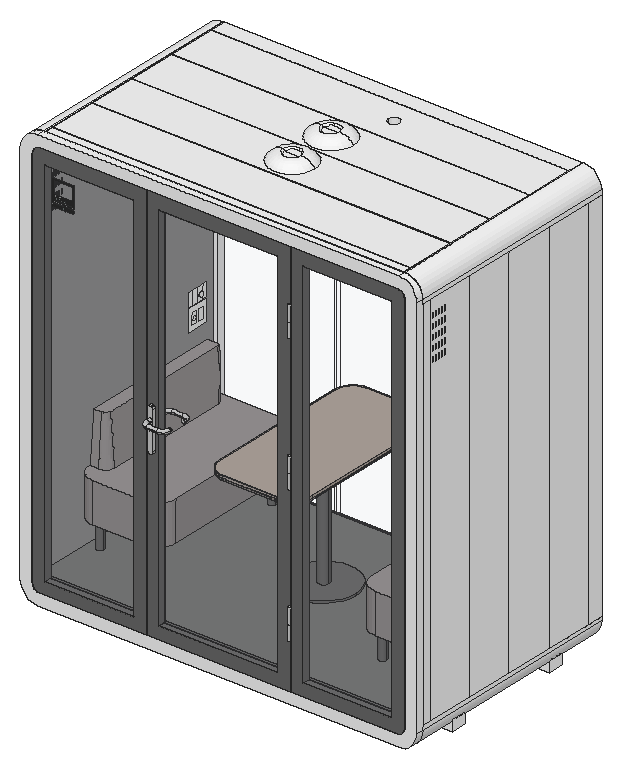
Revit family "MOTTO ML - white", category Entorno, Revit 2023 (continued)
Definition of nested family "Motto ML"
  Automatic sketch dimensions
    Extrusion 114 sketch curve to Extrusion 114 sketch curve = 0.657 mm
    Extrusion 114 sketch curve to Extrusion 114 sketch curve = 0.934 mm
    Extrusion 114 sketch curve to Extrusion 114 sketch curve = 5.406 mm
    Extrusion 114 sketch curve to Extrusion 114 sketch curve = 7.382 mm
    Extrusion 114 sketch curve to Extrusion 114 sketch curve = 5.539 mm
    Extrusion 114 sketch curve to Extrusion 114 sketch curve = 5.544 mm
    Extrusion 114 sketch curve to Extrusion 114 sketch curve = 11.358 mm  (x2)
    Extrusion 114 sketch curve to Extrusion 114 sketch curve = 11.629 mm
    Extrusion 114 sketch curve to Extrusion 114 sketch curve = 11.639 mm
    Extrusion 114 sketch curve to Extrusion 114 sketch curve = 5.825 mm
    Extrusion 114 sketch curve to Extrusion 114 sketch curve = 1.173 mm  (x2)
    Extrusion 114 sketch curve to Extrusion 114 sketch curve = 2.436 mm  (x2)
    Extrusion 114 sketch curve to Extrusion 114 sketch curve = 4.422 mm
    Extrusion 114 sketch curve to Extrusion 114 sketch curve = 0.578 mm  (x2)
    Extrusion 114 sketch curve to Extrusion 114 sketch curve = 1.93 mm  (x2)
    Extrusion 114 sketch curve to Extrusion 114 sketch curve = 0.414 mm  (x4)
    Extrusion 114 sketch curve to Extrusion 114 sketch curve = 3.706 mm
    Extrusion 114 sketch curve to Extrusion 114 sketch curve = 3.169 mm
    Extrusion 114 sketch curve to Extrusion 114 sketch curve = 3.023 mm  (x2)
    Extrusion 114 sketch curve to Extrusion 114 sketch curve = 0.156 mm
    Extrusion 114 sketch curve to Extrusion 114 sketch curve = 0.748 mm
    Extrusion 114 sketch curve to Extrusion 114 sketch curve = 1.565 mm
    Extrusion 114 sketch curve to Extrusion 114 sketch curve = 1.955 mm
    Extrusion 114 sketch curve to Extrusion 114 sketch curve = 2.276 mm
    Extrusion 114 sketch curve to Extrusion 114 sketch curve = 11.908 mm
    Extrusion 114 sketch curve to Extrusion 114 sketch curve = 8.038 mm
    Extrusion 114 sketch curve to Extrusion 114 sketch curve = 0.842 mm
    Extrusion 114 sketch curve to Extrusion 114 sketch curve = 0.375 mm  (x2)
    Extrusion 114 sketch curve to Extrusion 114 sketch curve = 3.297 mm
    Extrusion 114 sketch curve to Extrusion 114 sketch curve = 4.128 mm
    Extrusion 114 sketch curve to Extrusion 114 sketch curve = 1.987 mm
    Extrusion 114 sketch curve to Extrusion 114 sketch curve = 1.889 mm  (x2)
    Extrusion 114 sketch curve to Extrusion 114 sketch curve = 1.797 mm  (x3)
    Extrusion 114 sketch curve to Extrusion 114 sketch curve = 6.141 mm
    Extrusion 114 sketch curve to Extrusion 114 sketch curve = 4.462 mm
    Extrusion 114 sketch curve to Extrusion 114 sketch curve = 6.229 mm
    Extrusion 114 sketch curve to Extrusion 114 sketch curve = 2.94 mm
    Extrusion 114 sketch curve to Extrusion 114 sketch curve = 0.316 mm
    Extrusion 114 sketch curve to Extrusion 114 sketch curve = 0.241 mm  (x2)
    Extrusion 114 sketch curve to Extrusion 114 sketch curve = 12.049 mm
    Extrusion 115 sketch curve to Extrusion 115 sketch curve = 0 mm  (x2)
    plane 8 to Extrusion 115 sketch curve = 172.42 mm
    Extrusion 115 sketch curve to Extrusion 115 sketch curve = 3.965 mm
    Extrusion 115 sketch curve to Extrusion 115 sketch curve = 4 mm  (x2)
    Extrusion 115 sketch curve to Extrusion 115 sketch curve = 2.046 mm
    Extrusion 115 sketch curve to Extrusion 115 sketch curve = 0.5 mm  (x12)
    Extrusion 115 sketch curve to Extrusion 115 sketch curve = 2.736 mm  (x2)
    Extrusion 115 sketch curve to Extrusion 115 sketch curve = 1.621 mm
    Extrusion 115 sketch curve to Extrusion 115 sketch curve = 4.7 mm
    Extrusion 115 sketch curve to Extrusion 115 sketch curve = 5.159 mm
    Extrusion 115 sketch curve to Extrusion 115 sketch curve = 2.121 mm
    Extrusion 115 sketch curve to Extrusion 115 sketch curve = 2.081 mm
    Extrusion 115 sketch curve to Extrusion 115 sketch curve = 4.817 mm
    Extrusion 115 sketch curve to plane 5 = 172.133 mm
    Extrusion 115 sketch curve to Extrusion 115 sketch curve = 6.721 mm
    Extrusion 115 sketch curve to Extrusion 115 sketch curve = 5.672 mm
    Extrusion 115 sketch curve to Extrusion 115 sketch curve = 2.427 mm  (x2)
    Extrusion 115 sketch curve to Extrusion 115 sketch curve = 1.963 mm
    Extrusion 115 sketch curve to Extrusion 115 sketch curve = 2.463 mm
    Extrusion 115 sketch curve to Extrusion 115 sketch curve = 0.968 mm
    Extrusion 115 sketch curve to Extrusion 115 sketch curve = 7.468 mm
    Extrusion 116 sketch curve to plane 9 = 66 mm
    plane 10 to Extrusion 116 sketch curve = 66 mm
    plane 6 to Extrusion 116 sketch curve = 132.345 mm
    plane 6 to Extrusion 116 sketch curve = 65 mm
    Extrusion 117 sketch curve to plane 3 "Center (Left/Right)" = 381.56 mm
    Extrusion 117 sketch curve to Extrusion 117 sketch curve = 15 mm
    Extrusion 117 sketch curve to plane 4 = 59.475 mm
    plane 4 to Extrusion 117 sketch curve = 150.525 mm
    Sweep 118 sketch curve to plane 7 = 77.231 mm
    Sweep 118 sketch curve to plane 3 "Center (Left/Right)" = 366.56 mm
    Sweep 118 sketch curve to Sweep 118 sketch curve = 30 mm  (x2)
    Sweep 118 sketch curve to Sweep 118 sketch curve = 58.054 mm
    Sweep 118 sketch curve to Sweep 118 sketch curve = 8.98 mm
    Sweep 118 sketch curve to Sweep 118 sketch curve = 24.231 mm
    Sweep 118 sketch curve to profile plane = 0 mm  (x2)
    Extrusion 119 sketch curve to Extrusion 119 sketch curve = 0 mm  (x3)
    plane 4 to Extrusion 119 sketch curve = 36.176 mm
    Extrusion 119 sketch curve to plane 3 "Center (Left/Right)" = 371.178 mm
    Extrusion 119 sketch curve to Extrusion 119 sketch curve = 4.5 mm  (x2)
    Extrusion 119 sketch curve to Extrusion 119 sketch curve = 2.434 mm
    Extrusion 119 sketch curve to Extrusion 119 sketch curve = 0.008 mm
    Extrusion 119 sketch curve to Extrusion 119 sketch curve = 6.211 mm
    Extrusion 119 sketch curve to Extrusion 119 sketch curve = 1.001 mm
    Extrusion 119 sketch curve to Extrusion 119 sketch curve = 12.789 mm
    plane 10 to Extrusion 120 sketch curve = 105 mm
    Extrusion 120 sketch curve to plane 8 = 0 mm
    plane 8 to Extrusion 121 sketch curve = 40 mm
    plane 3 "Center (Left/Right)" to Extrusion 121 sketch curve = 346.943 mm
    plane 8 to Extrusion 122 sketch curve = 25 mm
    Extrusion 122 sketch curve to plane 3 "Center (Left/Right)" = 346.943 mm
    plane 10 to Extrusion 123 sketch curve = 105 mm
    Extrusion 123 sketch curve to plane 8 = 0 mm
    plane 3 "Center (Left/Right)" to Extrusion 124 sketch curve = 346.943 mm
    Extrusion 124 sketch curve to plane 8 = 0 mm
    Extrusion 125 sketch curve to plane 3 "Center (Left/Right)" = 346.943 mm
    Extrusion 125 sketch curve to plane 8 = 0 mm
    plane 10 to Sweep 126 sketch curve = 66 mm
    plane 8 to Sweep 126 sketch curve = 40 mm
    Sweep 126 sketch curve to plane 7 = 40 mm
    profile plane to Sweep 126 sketch curve = 0 mm
    profile plane to Sweep 126 sketch curve = 10 mm
    profile plane to Sweep 126 sketch curve = 133.345 mm
    Sweep 126 sketch curve to Sweep 126 sketch curve = 2087.397 mm
    radius of Sweep 6 sketch curve = 10 mm
    radius of Extrusion 24 sketch curve = 30 mm
    radius of Extrusion 25 sketch curve = 177.8 mm
    radius of Extrusion 27 sketch curve = 20 mm  (x8)
    radius of Extrusion 44 sketch curve = 8 mm
    radius of Extrusion 45 sketch curve = 8 mm
    radius of Extrusion 46 sketch curve = 8 mm
    radius of Extrusion 47 sketch curve = 8 mm
    radius of Extrusion 48 sketch curve = 8 mm
    radius of Extrusion 49 sketch curve = 8 mm
    radius of Extrusion 66 sketch curve = 31.75 mm
    radius of Extrusion 67 sketch curve = 21 mm
    radius of Extrusion 67 sketch curve = 19 mm
    radius of Extrusion 75 sketch curve = 10 mm
    radius of Extrusion 75 sketch curve = 11 mm
    radius of Extrusion 77 sketch curve = 11.249 mm
    radius of Extrusion 77 sketch curve = 10 mm
    radius of Extrusion 79 sketch curve = 11.85 mm
    radius of Extrusion 79 sketch curve = 10.85 mm
    radius of Extrusion 115 sketch curve = 11.85 mm
    radius of Extrusion 115 sketch curve = 10.85 mm
    radius of Sweep 118 sketch curve = 10 mm
